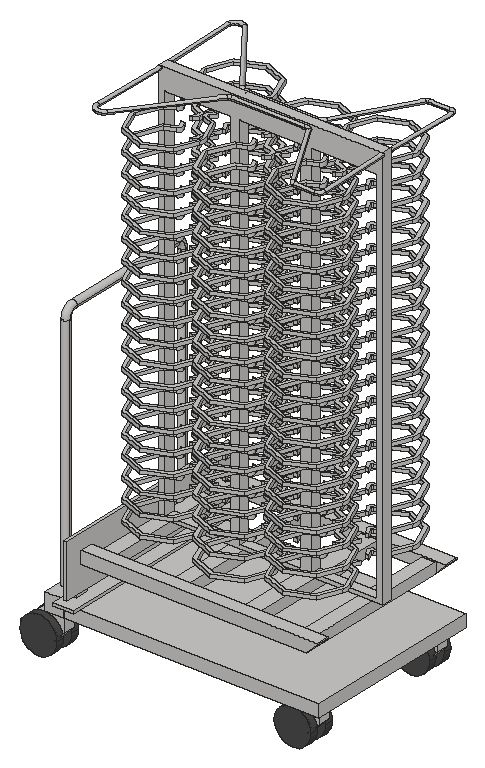
Revit family "QF_ELECTROLUXPROFESSIONAL_922764_TRBA116PL2021C", category Attrezzature speciali, Revit 2020 (continued)
Automatic sketch dimensions
  Extrusion 78 sketch curve to Extrusion 78 sketch curve = 0.26 mm
  Extrusion 78 sketch curve to Extrusion 78 sketch curve = 0.931 mm
  Extrusion 78 sketch curve to Extrusion 78 sketch curve = 14.355 mm
  Extrusion 78 sketch curve to Extrusion 78 sketch curve = 8.956 mm
  Extrusion 78 sketch curve to Extrusion 78 sketch curve = 8.823 mm
  Extrusion 78 sketch curve to plane 14 = 19.797 mm
  plane 14 to Extrusion 78 sketch curve = 12.573 mm
  Extrusion 78 sketch curve to Extrusion 78 sketch curve = 10.291 mm
  Extrusion 79 sketch curve to plane 159 = 0 mm
  plane 23 to Extrusion 79 sketch curve = 0 mm  (x2)
  Extrusion 79 sketch curve to plane 160 = 0 mm
  plane 160 to Extrusion 79 sketch curve = 1.038 mm
  plane 23 to Extrusion 79 sketch curve = 17.086 mm
  plane 160 to Extrusion 79 sketch curve = 38.719 mm
  Extrusion 79 sketch curve to Extrusion 79 sketch curve = 7.361 mm
  Extrusion 79 sketch curve to Extrusion 79 sketch curve = 9.865 mm
  plane 23 to Extrusion 79 sketch curve = 21.155 mm
  Extrusion 79 sketch curve to Extrusion 79 sketch curve = 10.657 mm
  Extrusion 79 sketch curve to Extrusion 79 sketch curve = 2.333 mm
  plane 23 to Extrusion 79 sketch curve = 28.29 mm
  Extrusion 79 sketch curve to Extrusion 79 sketch curve = 0.12 mm
  Extrusion 79 sketch curve to Extrusion 79 sketch curve = 1.997 mm
  Extrusion 79 sketch curve to Extrusion 79 sketch curve = 13.006 mm  (x2)
  Extrusion 79 sketch curve to plane 14 = 19.797 mm
  plane 6 to Extrusion 79 sketch curve = 48.776 mm
  Extrusion 79 sketch curve to Extrusion 79 sketch curve = 32.378 mm
  plane 159 to Extrusion 79 sketch curve = 0.677 mm
  plane 6 to Extrusion 79 sketch curve = 43.856 mm
  Extrusion 79 sketch curve to Extrusion 79 sketch curve = 8.823 mm  (x2)
  Extrusion 79 sketch curve to plane 14 = 14.327 mm
  Extrusion 79 sketch curve to Extrusion 79 sketch curve = 12.491 mm
  plane 6 to Extrusion 79 sketch curve = 12.706 mm
  plane 6 to Extrusion 79 sketch curve = 7.03 mm
  plane 6 to Extrusion 79 sketch curve = 6.775 mm
  plane 23 to Extrusion 79 sketch curve = 16.976 mm
  Extrusion 79 sketch curve to plane 160 = 40.033 mm
  Extrusion 79 sketch curve to Extrusion 79 sketch curve = 7.129 mm
  Extrusion 79 sketch curve to Extrusion 79 sketch curve = 9.801 mm
  plane 23 to Extrusion 79 sketch curve = 21.716 mm
  Extrusion 79 sketch curve to Extrusion 79 sketch curve = 10.269 mm
  plane 23 to Extrusion 79 sketch curve = 28.819 mm
  Extrusion 79 sketch curve to Extrusion 79 sketch curve = 2.378 mm
  Extrusion 79 sketch curve to Extrusion 79 sketch curve = 2.721 mm
  Extrusion 79 sketch curve to Extrusion 79 sketch curve = 1.609 mm
  Extrusion 79 sketch curve to plane 159 = 0.677 mm
  Extrusion 79 sketch curve to plane 160 = 81.177 mm
  Extrusion 79 sketch curve to Extrusion 79 sketch curve = 34.52 mm
  Extrusion 79 sketch curve to plane 14 = 23.461 mm
  Extrusion 79 sketch curve to Extrusion 79 sketch curve = 0.634 mm
  Extrusion 79 sketch curve to plane 14 = 12.859 mm
  Extrusion 79 sketch curve to Extrusion 79 sketch curve = 5.47 mm
  plane 23 to Extrusion 79 sketch curve = 44.113 mm
  Extrusion 79 sketch curve to Extrusion 79 sketch curve = 7.067 mm
  Extrusion 79 sketch curve to plane 159 = 1.889 mm
  Extrusion 79 sketch curve to Extrusion 79 sketch curve = 33.003 mm
  Extrusion 79 sketch curve to plane 159 = 16.292 mm
  Extrusion 79 sketch curve to Extrusion 79 sketch curve = 3.823 mm
  plane 159 to Extrusion 79 sketch curve = 14.321 mm
  Extrusion 79 sketch curve to Extrusion 79 sketch curve = 0.26 mm
  Extrusion 79 sketch curve to Extrusion 79 sketch curve = 0.931 mm
  Extrusion 79 sketch curve to Extrusion 79 sketch curve = 14.355 mm
  Extrusion 79 sketch curve to Extrusion 79 sketch curve = 8.956 mm
  plane 159 to Extrusion 79 sketch curve = 16.292 mm
  plane 14 to Extrusion 79 sketch curve = 12.573 mm
  Extrusion 79 sketch curve to Extrusion 79 sketch curve = 10.291 mm
  plane 161 to Extrusion 80 sketch curve = 0 mm
  plane 24 to Extrusion 80 sketch curve = 0 mm  (x2)
  Extrusion 80 sketch curve to plane 162 = 0 mm
  Extrusion 80 sketch curve to plane 162 = 1.038 mm
  plane 24 to Extrusion 80 sketch curve = 17.086 mm
  Extrusion 80 sketch curve to plane 162 = 38.719 mm
  Extrusion 80 sketch curve to Extrusion 80 sketch curve = 7.361 mm
  Extrusion 80 sketch curve to Extrusion 80 sketch curve = 9.865 mm
  plane 24 to Extrusion 80 sketch curve = 21.155 mm
  Extrusion 80 sketch curve to Extrusion 80 sketch curve = 10.657 mm
  Extrusion 80 sketch curve to Extrusion 80 sketch curve = 2.333 mm
  plane 24 to Extrusion 80 sketch curve = 28.29 mm
  Extrusion 80 sketch curve to Extrusion 80 sketch curve = 0.12 mm
  Extrusion 80 sketch curve to Extrusion 80 sketch curve = 1.997 mm
  Extrusion 80 sketch curve to Extrusion 80 sketch curve = 13.006 mm  (x2)
  Extrusion 80 sketch curve to plane 21 = 19.305 mm
  Extrusion 80 sketch curve to plane 21 = 17.105 mm
  Extrusion 80 sketch curve to plane 161 = 0.677 mm
  Extrusion 80 sketch curve to plane 21 = 14.385 mm
  Extrusion 80 sketch curve to plane 21 = 8.282 mm
  Extrusion 80 sketch curve to plane 21 = 6.814 mm
  plane 21 to Extrusion 80 sketch curve = 16.765 mm
  Extrusion 80 sketch curve to Extrusion 80 sketch curve = 5.676 mm
  plane 161 to Extrusion 80 sketch curve = 14.321 mm
  Extrusion 80 sketch curve to Extrusion 80 sketch curve = 5.931 mm
  plane 24 to Extrusion 80 sketch curve = 16.976 mm
  plane 162 to Extrusion 80 sketch curve = 40.033 mm
  Extrusion 80 sketch curve to Extrusion 80 sketch curve = 7.129 mm
  Extrusion 80 sketch curve to Extrusion 80 sketch curve = 9.801 mm
  plane 24 to Extrusion 80 sketch curve = 21.716 mm
  Extrusion 80 sketch curve to Extrusion 80 sketch curve = 10.269 mm
  plane 24 to Extrusion 80 sketch curve = 28.819 mm
  Extrusion 80 sketch curve to Extrusion 80 sketch curve = 2.378 mm
  Extrusion 80 sketch curve to Extrusion 80 sketch curve = 2.721 mm
  Extrusion 80 sketch curve to Extrusion 80 sketch curve = 1.609 mm
  plane 161 to Extrusion 80 sketch curve = 0.677 mm
  plane 162 to Extrusion 80 sketch curve = 81.177 mm
  Extrusion 80 sketch curve to Extrusion 80 sketch curve = 34.52 mm
  Extrusion 80 sketch curve to plane 15 = 23.461 mm
  Extrusion 80 sketch curve to Extrusion 80 sketch curve = 0.634 mm
  Extrusion 80 sketch curve to plane 15 = 12.859 mm
  Extrusion 80 sketch curve to Extrusion 80 sketch curve = 5.47 mm  (x2)
  plane 24 to Extrusion 80 sketch curve = 44.113 mm
  Extrusion 80 sketch curve to Extrusion 80 sketch curve = 7.067 mm
  plane 161 to Extrusion 80 sketch curve = 1.889 mm
  Extrusion 80 sketch curve to Extrusion 80 sketch curve = 33.003 mm
  plane 161 to Extrusion 80 sketch curve = 16.292 mm
  Extrusion 80 sketch curve to Extrusion 80 sketch curve = 3.823 mm
  Extrusion 80 sketch curve to plane 161 = 14.321 mm
  Extrusion 80 sketch curve to Extrusion 80 sketch curve = 0.26 mm
  Extrusion 80 sketch curve to Extrusion 80 sketch curve = 0.931 mm
  Extrusion 80 sketch curve to Extrusion 80 sketch curve = 14.355 mm
  Extrusion 80 sketch curve to Extrusion 80 sketch curve = 8.956 mm
  Extrusion 80 sketch curve to Extrusion 80 sketch curve = 8.823 mm
  Extrusion 80 sketch curve to plane 15 = 19.797 mm
  plane 15 to Extrusion 80 sketch curve = 12.573 mm
  Extrusion 80 sketch curve to Extrusion 80 sketch curve = 10.291 mm
  plane 163 to Extrusion 81 sketch curve = 0 mm
  plane 24 to Extrusion 81 sketch curve = 0 mm  (x2)
  Extrusion 81 sketch curve to plane 164 = 0 mm
  Extrusion 81 sketch curve to plane 164 = 1.038 mm
  plane 24 to Extrusion 81 sketch curve = 17.086 mm
  Extrusion 81 sketch curve to plane 164 = 38.719 mm
  Extrusion 81 sketch curve to Extrusion 81 sketch curve = 7.361 mm
  Extrusion 81 sketch curve to Extrusion 81 sketch curve = 9.865 mm
  plane 24 to Extrusion 81 sketch curve = 21.155 mm
  Extrusion 81 sketch curve to Extrusion 81 sketch curve = 10.657 mm
  Extrusion 81 sketch curve to Extrusion 81 sketch curve = 2.333 mm
  plane 24 to Extrusion 81 sketch curve = 28.29 mm
  Extrusion 81 sketch curve to Extrusion 81 sketch curve = 0.12 mm
  Extrusion 81 sketch curve to Extrusion 81 sketch curve = 1.997 mm
  Extrusion 81 sketch curve to Extrusion 81 sketch curve = 13.006 mm  (x2)
  Extrusion 81 sketch curve to plane 15 = 19.797 mm
  Extrusion 81 sketch curve to plane 6 = 48.776 mm
  Extrusion 81 sketch curve to Extrusion 81 sketch curve = 32.378 mm
  Extrusion 81 sketch curve to plane 163 = 0.677 mm
  Extrusion 81 sketch curve to plane 6 = 43.856 mm
  Extrusion 81 sketch curve to Extrusion 81 sketch curve = 8.823 mm  (x2)
  Extrusion 81 sketch curve to plane 15 = 14.327 mm
  Extrusion 81 sketch curve to Extrusion 81 sketch curve = 12.491 mm
  Extrusion 81 sketch curve to plane 6 = 12.706 mm
  Extrusion 81 sketch curve to plane 6 = 7.03 mm
  Extrusion 81 sketch curve to plane 6 = 6.775 mm
  plane 24 to Extrusion 81 sketch curve = 16.976 mm
  plane 164 to Extrusion 81 sketch curve = 40.033 mm
  Extrusion 81 sketch curve to Extrusion 81 sketch curve = 7.129 mm
  Extrusion 81 sketch curve to Extrusion 81 sketch curve = 9.801 mm
  plane 24 to Extrusion 81 sketch curve = 21.716 mm
  Extrusion 81 sketch curve to Extrusion 81 sketch curve = 10.269 mm
  plane 24 to Extrusion 81 sketch curve = 28.819 mm
  Extrusion 81 sketch curve to Extrusion 81 sketch curve = 2.378 mm
  Extrusion 81 sketch curve to Extrusion 81 sketch curve = 2.721 mm
  Extrusion 81 sketch curve to Extrusion 81 sketch curve = 1.609 mm
  plane 163 to Extrusion 81 sketch curve = 0.677 mm
  plane 164 to Extrusion 81 sketch curve = 81.177 mm
  Extrusion 81 sketch curve to Extrusion 81 sketch curve = 34.52 mm
  Extrusion 81 sketch curve to plane 15 = 23.461 mm
  Extrusion 81 sketch curve to Extrusion 81 sketch curve = 0.634 mm
  Extrusion 81 sketch curve to plane 15 = 12.859 mm
  Extrusion 81 sketch curve to Extrusion 81 sketch curve = 5.47 mm
  plane 24 to Extrusion 81 sketch curve = 44.113 mm
  Extrusion 81 sketch curve to Extrusion 81 sketch curve = 7.067 mm
  plane 163 to Extrusion 81 sketch curve = 1.889 mm
  Extrusion 81 sketch curve to Extrusion 81 sketch curve = 33.003 mm
  plane 163 to Extrusion 81 sketch curve = 16.292 mm
  Extrusion 81 sketch curve to Extrusion 81 sketch curve = 3.823 mm
  Extrusion 81 sketch curve to plane 163 = 14.321 mm
  Extrusion 81 sketch curve to Extrusion 81 sketch curve = 0.26 mm
  Extrusion 81 sketch curve to Extrusion 81 sketch curve = 0.931 mm
  Extrusion 81 sketch curve to Extrusion 81 sketch curve = 14.355 mm
  Extrusion 81 sketch curve to Extrusion 81 sketch curve = 8.956 mm
  Extrusion 81 sketch curve to plane 163 = 16.292 mm
  plane 15 to Extrusion 81 sketch curve = 12.573 mm
  Extrusion 81 sketch curve to Extrusion 81 sketch curve = 10.291 mm
  Extrusion 82 sketch curve to plane 165 = 0 mm
  plane 23 to Extrusion 82 sketch curve = 0 mm  (x2)
  Extrusion 82 sketch curve to plane 166 = 0 mm
  plane 166 to Extrusion 82 sketch curve = 1.038 mm
  plane 23 to Extrusion 82 sketch curve = 17.086 mm
  plane 166 to Extrusion 82 sketch curve = 38.719 mm
  Extrusion 82 sketch curve to Extrusion 82 sketch curve = 7.361 mm
  Extrusion 82 sketch curve to Extrusion 82 sketch curve = 9.865 mm
  plane 23 to Extrusion 82 sketch curve = 21.155 mm
  Extrusion 82 sketch curve to Extrusion 82 sketch curve = 10.657 mm
  Extrusion 82 sketch curve to Extrusion 82 sketch curve = 2.333 mm
  plane 23 to Extrusion 82 sketch curve = 28.29 mm
  Extrusion 82 sketch curve to Extrusion 82 sketch curve = 0.12 mm
  Extrusion 82 sketch curve to Extrusion 82 sketch curve = 1.997 mm
  Extrusion 82 sketch curve to Extrusion 82 sketch curve = 13.006 mm  (x2)
  plane 21 to Extrusion 82 sketch curve = 19.305 mm
  plane 21 to Extrusion 82 sketch curve = 17.105 mm
  plane 165 to Extrusion 82 sketch curve = 0.677 mm
  plane 21 to Extrusion 82 sketch curve = 14.385 mm
  plane 21 to Extrusion 82 sketch curve = 8.282 mm
  plane 21 to Extrusion 82 sketch curve = 6.814 mm
  Extrusion 82 sketch curve to plane 21 = 16.765 mm
  Extrusion 82 sketch curve to Extrusion 82 sketch curve = 5.676 mm
  Extrusion 82 sketch curve to plane 165 = 14.321 mm
  Extrusion 82 sketch curve to Extrusion 82 sketch curve = 5.931 mm
  plane 23 to Extrusion 82 sketch curve = 16.976 mm
  Extrusion 82 sketch curve to plane 166 = 40.033 mm
  Extrusion 82 sketch curve to Extrusion 82 sketch curve = 7.129 mm
  Extrusion 82 sketch curve to Extrusion 82 sketch curve = 9.801 mm
  plane 23 to Extrusion 82 sketch curve = 21.716 mm
  Extrusion 82 sketch curve to Extrusion 82 sketch curve = 10.269 mm
  plane 23 to Extrusion 82 sketch curve = 28.819 mm
  Extrusion 82 sketch curve to Extrusion 82 sketch curve = 2.378 mm
  Extrusion 82 sketch curve to Extrusion 82 sketch curve = 2.721 mm
  Extrusion 82 sketch curve to Extrusion 82 sketch curve = 1.609 mm
  Extrusion 82 sketch curve to plane 165 = 0.677 mm
  Extrusion 82 sketch curve to plane 166 = 81.177 mm
  Extrusion 82 sketch curve to Extrusion 82 sketch curve = 34.52 mm
  Extrusion 82 sketch curve to plane 14 = 23.461 mm
  Extrusion 82 sketch curve to Extrusion 82 sketch curve = 0.634 mm
  Extrusion 82 sketch curve to plane 14 = 12.859 mm
  Extrusion 82 sketch curve to Extrusion 82 sketch curve = 5.47 mm  (x2)
  plane 23 to Extrusion 82 sketch curve = 44.113 mm
  Extrusion 82 sketch curve to Extrusion 82 sketch curve = 7.067 mm
  Extrusion 82 sketch curve to plane 165 = 1.889 mm
  Extrusion 82 sketch curve to Extrusion 82 sketch curve = 33.003 mm
  Extrusion 82 sketch curve to plane 165 = 16.292 mm
  Extrusion 82 sketch curve to Extrusion 82 sketch curve = 3.823 mm
  plane 165 to Extrusion 82 sketch curve = 14.321 mm
  Extrusion 82 sketch curve to Extrusion 82 sketch curve = 0.26 mm
  Extrusion 82 sketch curve to Extrusion 82 sketch curve = 0.931 mm
  Extrusion 82 sketch curve to Extrusion 82 sketch curve = 14.355 mm
  Extrusion 82 sketch curve to Extrusion 82 sketch curve = 8.956 mm
  Extrusion 82 sketch curve to Extrusion 82 sketch curve = 8.823 mm
  Extrusion 82 sketch curve to plane 14 = 19.797 mm
  plane 14 to Extrusion 82 sketch curve = 12.573 mm
  Extrusion 82 sketch curve to Extrusion 82 sketch curve = 10.291 mm
  Extrusion 83 sketch curve to plane 167 = 0 mm
  plane 23 to Extrusion 83 sketch curve = 0 mm  (x2)
  Extrusion 83 sketch curve to plane 168 = 0 mm
  plane 168 to Extrusion 83 sketch curve = 1.038 mm
  plane 23 to Extrusion 83 sketch curve = 17.086 mm
  plane 168 to Extrusion 83 sketch curve = 38.719 mm
  Extrusion 83 sketch curve to Extrusion 83 sketch curve = 7.361 mm
  Extrusion 83 sketch curve to Extrusion 83 sketch curve = 9.865 mm
  plane 23 to Extrusion 83 sketch curve = 21.155 mm
  Extrusion 83 sketch curve to Extrusion 83 sketch curve = 10.657 mm
  Extrusion 83 sketch curve to Extrusion 83 sketch curve = 2.333 mm
  plane 23 to Extrusion 83 sketch curve = 28.29 mm
  Extrusion 83 sketch curve to Extrusion 83 sketch curve = 0.12 mm
  Extrusion 83 sketch curve to Extrusion 83 sketch curve = 1.997 mm
  Extrusion 83 sketch curve to Extrusion 83 sketch curve = 13.006 mm  (x2)
  Extrusion 83 sketch curve to plane 14 = 19.797 mm
  plane 6 to Extrusion 83 sketch curve = 48.776 mm
  Extrusion 83 sketch curve to Extrusion 83 sketch curve = 32.378 mm
  plane 167 to Extrusion 83 sketch curve = 0.677 mm
  plane 6 to Extrusion 83 sketch curve = 43.856 mm
  Extrusion 83 sketch curve to Extrusion 83 sketch curve = 8.823 mm  (x2)
  Extrusion 83 sketch curve to plane 14 = 14.327 mm
  Extrusion 83 sketch curve to Extrusion 83 sketch curve = 12.491 mm
  plane 6 to Extrusion 83 sketch curve = 12.706 mm
  plane 6 to Extrusion 83 sketch curve = 7.03 mm
  plane 6 to Extrusion 83 sketch curve = 6.775 mm
  plane 23 to Extrusion 83 sketch curve = 16.976 mm
  Extrusion 83 sketch curve to plane 168 = 40.033 mm
  Extrusion 83 sketch curve to Extrusion 83 sketch curve = 7.129 mm
  Extrusion 83 sketch curve to Extrusion 83 sketch curve = 9.801 mm
  plane 23 to Extrusion 83 sketch curve = 21.716 mm
  Extrusion 83 sketch curve to Extrusion 83 sketch curve = 10.269 mm
  plane 23 to Extrusion 83 sketch curve = 28.819 mm
  Extrusion 83 sketch curve to Extrusion 83 sketch curve = 2.378 mm
  Extrusion 83 sketch curve to Extrusion 83 sketch curve = 2.721 mm
  Extrusion 83 sketch curve to Extrusion 83 sketch curve = 1.609 mm
  Extrusion 83 sketch curve to plane 167 = 0.677 mm
  Extrusion 83 sketch curve to plane 168 = 81.177 mm
  Extrusion 83 sketch curve to Extrusion 83 sketch curve = 34.52 mm
  Extrusion 83 sketch curve to plane 14 = 23.461 mm
  Extrusion 83 sketch curve to Extrusion 83 sketch curve = 0.634 mm
  Extrusion 83 sketch curve to plane 14 = 12.859 mm
  Extrusion 83 sketch curve to Extrusion 83 sketch curve = 5.47 mm
  plane 23 to Extrusion 83 sketch curve = 44.113 mm
  Extrusion 83 sketch curve to Extrusion 83 sketch curve = 7.067 mm
  Extrusion 83 sketch curve to plane 167 = 1.889 mm
  Extrusion 83 sketch curve to Extrusion 83 sketch curve = 33.003 mm
  Extrusion 83 sketch curve to plane 167 = 16.292 mm
  Extrusion 83 sketch curve to Extrusion 83 sketch curve = 3.823 mm
  plane 167 to Extrusion 83 sketch curve = 14.321 mm
  Extrusion 83 sketch curve to Extrusion 83 sketch curve = 0.26 mm
  Extrusion 83 sketch curve to Extrusion 83 sketch curve = 0.931 mm
  Extrusion 83 sketch curve to Extrusion 83 sketch curve = 14.355 mm
  Extrusion 83 sketch curve to Extrusion 83 sketch curve = 8.956 mm
  plane 167 to Extrusion 83 sketch curve = 16.292 mm
  plane 14 to Extrusion 83 sketch curve = 12.573 mm
  Extrusion 83 sketch curve to Extrusion 83 sketch curve = 10.291 mm
  plane 169 to Extrusion 84 sketch curve = 0 mm
  plane 24 to Extrusion 84 sketch curve = 0 mm  (x2)
  Extrusion 84 sketch curve to plane 170 = 0 mm
  Extrusion 84 sketch curve to plane 170 = 1.038 mm
  plane 24 to Extrusion 84 sketch curve = 17.086 mm
  Extrusion 84 sketch curve to plane 170 = 38.719 mm
  Extrusion 84 sketch curve to Extrusion 84 sketch curve = 7.361 mm
  Extrusion 84 sketch curve to Extrusion 84 sketch curve = 9.865 mm
  plane 24 to Extrusion 84 sketch curve = 21.155 mm
  Extrusion 84 sketch curve to Extrusion 84 sketch curve = 10.657 mm
  Extrusion 84 sketch curve to Extrusion 84 sketch curve = 2.333 mm
  plane 24 to Extrusion 84 sketch curve = 28.29 mm
  Extrusion 84 sketch curve to Extrusion 84 sketch curve = 0.12 mm
  Extrusion 84 sketch curve to Extrusion 84 sketch curve = 1.997 mm
  Extrusion 84 sketch curve to Extrusion 84 sketch curve = 13.006 mm  (x2)
  Extrusion 84 sketch curve to plane 21 = 19.305 mm
  Extrusion 84 sketch curve to plane 21 = 17.105 mm
  Extrusion 84 sketch curve to plane 169 = 0.677 mm
  Extrusion 84 sketch curve to plane 21 = 14.385 mm
  Extrusion 84 sketch curve to plane 21 = 8.282 mm
  Extrusion 84 sketch curve to plane 21 = 6.814 mm
  plane 21 to Extrusion 84 sketch curve = 16.765 mm
  Extrusion 84 sketch curve to Extrusion 84 sketch curve = 5.676 mm
  plane 169 to Extrusion 84 sketch curve = 14.321 mm
  Extrusion 84 sketch curve to Extrusion 84 sketch curve = 5.931 mm
  plane 24 to Extrusion 84 sketch curve = 16.976 mm
  plane 170 to Extrusion 84 sketch curve = 40.033 mm
  Extrusion 84 sketch curve to Extrusion 84 sketch curve = 7.129 mm
  Extrusion 84 sketch curve to Extrusion 84 sketch curve = 9.801 mm
  plane 24 to Extrusion 84 sketch curve = 21.716 mm
  Extrusion 84 sketch curve to Extrusion 84 sketch curve = 10.269 mm
  plane 24 to Extrusion 84 sketch curve = 28.819 mm
  Extrusion 84 sketch curve to Extrusion 84 sketch curve = 2.378 mm
  Extrusion 84 sketch curve to Extrusion 84 sketch curve = 2.721 mm
  Extrusion 84 sketch curve to Extrusion 84 sketch curve = 1.609 mm
  plane 169 to Extrusion 84 sketch curve = 0.677 mm
  plane 170 to Extrusion 84 sketch curve = 81.177 mm
  Extrusion 84 sketch curve to Extrusion 84 sketch curve = 34.52 mm
  Extrusion 84 sketch curve to plane 15 = 23.461 mm
  Extrusion 84 sketch curve to Extrusion 84 sketch curve = 0.634 mm
  Extrusion 84 sketch curve to plane 15 = 12.859 mm
  Extrusion 84 sketch curve to Extrusion 84 sketch curve = 5.47 mm  (x2)
  plane 24 to Extrusion 84 sketch curve = 44.113 mm
  Extrusion 84 sketch curve to Extrusion 84 sketch curve = 7.067 mm
  plane 169 to Extrusion 84 sketch curve = 1.889 mm
  Extrusion 84 sketch curve to Extrusion 84 sketch curve = 33.003 mm
  plane 169 to Extrusion 84 sketch curve = 16.292 mm
  Extrusion 84 sketch curve to Extrusion 84 sketch curve = 3.823 mm
  Extrusion 84 sketch curve to plane 169 = 14.321 mm
  Extrusion 84 sketch curve to Extrusion 84 sketch curve = 0.26 mm
  Extrusion 84 sketch curve to Extrusion 84 sketch curve = 0.931 mm
  Extrusion 84 sketch curve to Extrusion 84 sketch curve = 14.355 mm
  Extrusion 84 sketch curve to Extrusion 84 sketch curve = 8.956 mm
  Extrusion 84 sketch curve to Extrusion 84 sketch curve = 8.823 mm
  Extrusion 84 sketch curve to plane 15 = 19.797 mm
  plane 15 to Extrusion 84 sketch curve = 12.573 mm
  Extrusion 84 sketch curve to Extrusion 84 sketch curve = 10.291 mm
  plane 171 to Extrusion 85 sketch curve = 0 mm
  plane 24 to Extrusion 85 sketch curve = 0 mm  (x2)
  Extrusion 85 sketch curve to plane 172 = 0 mm
  Extrusion 85 sketch curve to plane 172 = 1.038 mm
  plane 24 to Extrusion 85 sketch curve = 17.086 mm
  Extrusion 85 sketch curve to plane 172 = 38.719 mm
  Extrusion 85 sketch curve to Extrusion 85 sketch curve = 7.361 mm
  Extrusion 85 sketch curve to Extrusion 85 sketch curve = 9.865 mm
  plane 24 to Extrusion 85 sketch curve = 21.155 mm
  Extrusion 85 sketch curve to Extrusion 85 sketch curve = 10.657 mm
  Extrusion 85 sketch curve to Extrusion 85 sketch curve = 2.333 mm
  plane 24 to Extrusion 85 sketch curve = 28.29 mm
  Extrusion 85 sketch curve to Extrusion 85 sketch curve = 0.12 mm
  Extrusion 85 sketch curve to Extrusion 85 sketch curve = 1.997 mm
  Extrusion 85 sketch curve to Extrusion 85 sketch curve = 13.006 mm  (x2)
  Extrusion 85 sketch curve to plane 15 = 19.797 mm
  Extrusion 85 sketch curve to plane 6 = 48.776 mm
  Extrusion 85 sketch curve to Extrusion 85 sketch curve = 32.378 mm
  Extrusion 85 sketch curve to plane 171 = 0.677 mm
  Extrusion 85 sketch curve to plane 6 = 43.856 mm
  Extrusion 85 sketch curve to Extrusion 85 sketch curve = 8.823 mm  (x2)
  Extrusion 85 sketch curve to plane 15 = 14.327 mm
  Extrusion 85 sketch curve to Extrusion 85 sketch curve = 12.491 mm
  Extrusion 85 sketch curve to plane 6 = 12.706 mm
  Extrusion 85 sketch curve to plane 6 = 7.03 mm
  Extrusion 85 sketch curve to plane 6 = 6.775 mm
  plane 24 to Extrusion 85 sketch curve = 16.976 mm
  plane 172 to Extrusion 85 sketch curve = 40.033 mm
  Extrusion 85 sketch curve to Extrusion 85 sketch curve = 7.129 mm
  Extrusion 85 sketch curve to Extrusion 85 sketch curve = 9.801 mm
  plane 24 to Extrusion 85 sketch curve = 21.716 mm
  Extrusion 85 sketch curve to Extrusion 85 sketch curve = 10.269 mm
  plane 24 to Extrusion 85 sketch curve = 28.819 mm
  Extrusion 85 sketch curve to Extrusion 85 sketch curve = 2.378 mm
  Extrusion 85 sketch curve to Extrusion 85 sketch curve = 2.721 mm
  Extrusion 85 sketch curve to Extrusion 85 sketch curve = 1.609 mm
  plane 171 to Extrusion 85 sketch curve = 0.677 mm
  plane 172 to Extrusion 85 sketch curve = 81.177 mm
  Extrusion 85 sketch curve to Extrusion 85 sketch curve = 34.52 mm
  Extrusion 85 sketch curve to plane 15 = 23.461 mm
  Extrusion 85 sketch curve to Extrusion 85 sketch curve = 0.634 mm
  Extrusion 85 sketch curve to plane 15 = 12.859 mm
  Extrusion 85 sketch curve to Extrusion 85 sketch curve = 5.47 mm
  plane 24 to Extrusion 85 sketch curve = 44.113 mm
  Extrusion 85 sketch curve to Extrusion 85 sketch curve = 7.067 mm
  plane 171 to Extrusion 85 sketch curve = 1.889 mm
  Extrusion 85 sketch curve to Extrusion 85 sketch curve = 33.003 mm
  plane 171 to Extrusion 85 sketch curve = 16.292 mm
  Extrusion 85 sketch curve to Extrusion 85 sketch curve = 3.823 mm
  Extrusion 85 sketch curve to plane 171 = 14.321 mm
  Extrusion 85 sketch curve to Extrusion 85 sketch curve = 0.26 mm
  Extrusion 85 sketch curve to Extrusion 85 sketch curve = 0.931 mm
  Extrusion 85 sketch curve to Extrusion 85 sketch curve = 14.355 mm
  Extrusion 85 sketch curve to Extrusion 85 sketch curve = 8.956 mm
  Extrusion 85 sketch curve to plane 171 = 16.292 mm
  plane 15 to Extrusion 85 sketch curve = 12.573 mm
  Extrusion 85 sketch curve to Extrusion 85 sketch curve = 10.291 mm
  Extrusion 86 sketch curve to plane 173 = 0 mm
  plane 23 to Extrusion 86 sketch curve = 0 mm  (x2)
  Extrusion 86 sketch curve to plane 174 = 0 mm
  plane 174 to Extrusion 86 sketch curve = 1.038 mm
  plane 23 to Extrusion 86 sketch curve = 17.086 mm
  plane 174 to Extrusion 86 sketch curve = 38.719 mm
  Extrusion 86 sketch curve to Extrusion 86 sketch curve = 7.361 mm
  Extrusion 86 sketch curve to Extrusion 86 sketch curve = 9.865 mm
  plane 23 to Extrusion 86 sketch curve = 21.155 mm
  Extrusion 86 sketch curve to Extrusion 86 sketch curve = 10.657 mm
  Extrusion 86 sketch curve to Extrusion 86 sketch curve = 2.333 mm
  plane 23 to Extrusion 86 sketch curve = 28.29 mm
  Extrusion 86 sketch curve to Extrusion 86 sketch curve = 0.12 mm
  Extrusion 86 sketch curve to Extrusion 86 sketch curve = 1.997 mm
  Extrusion 86 sketch curve to Extrusion 86 sketch curve = 13.006 mm  (x2)
  plane 21 to Extrusion 86 sketch curve = 19.305 mm
  plane 21 to Extrusion 86 sketch curve = 17.105 mm
  plane 173 to Extrusion 86 sketch curve = 0.677 mm
  plane 21 to Extrusion 86 sketch curve = 14.385 mm
  plane 21 to Extrusion 86 sketch curve = 8.282 mm
  plane 21 to Extrusion 86 sketch curve = 6.814 mm
  Extrusion 86 sketch curve to plane 21 = 16.765 mm
  Extrusion 86 sketch curve to Extrusion 86 sketch curve = 5.676 mm
  Extrusion 86 sketch curve to plane 173 = 14.321 mm
  Extrusion 86 sketch curve to Extrusion 86 sketch curve = 5.931 mm
  plane 23 to Extrusion 86 sketch curve = 16.976 mm
  Extrusion 86 sketch curve to plane 174 = 40.033 mm
  Extrusion 86 sketch curve to Extrusion 86 sketch curve = 7.129 mm
  Extrusion 86 sketch curve to Extrusion 86 sketch curve = 9.801 mm
  plane 23 to Extrusion 86 sketch curve = 21.716 mm
  Extrusion 86 sketch curve to Extrusion 86 sketch curve = 10.269 mm
  plane 23 to Extrusion 86 sketch curve = 28.819 mm
  Extrusion 86 sketch curve to Extrusion 86 sketch curve = 2.378 mm
  Extrusion 86 sketch curve to Extrusion 86 sketch curve = 2.721 mm
  Extrusion 86 sketch curve to Extrusion 86 sketch curve = 1.609 mm
  Extrusion 86 sketch curve to plane 173 = 0.677 mm
  Extrusion 86 sketch curve to plane 174 = 81.177 mm
  Extrusion 86 sketch curve to Extrusion 86 sketch curve = 34.52 mm
  Extrusion 86 sketch curve to plane 14 = 23.461 mm
  Extrusion 86 sketch curve to Extrusion 86 sketch curve = 0.634 mm
  Extrusion 86 sketch curve to plane 14 = 12.859 mm
  Extrusion 86 sketch curve to Extrusion 86 sketch curve = 5.47 mm  (x2)
  plane 23 to Extrusion 86 sketch curve = 44.113 mm
  Extrusion 86 sketch curve to Extrusion 86 sketch curve = 7.067 mm
  Extrusion 86 sketch curve to plane 173 = 1.889 mm
  Extrusion 86 sketch curve to Extrusion 86 sketch curve = 33.003 mm
  Extrusion 86 sketch curve to plane 173 = 16.292 mm
  Extrusion 86 sketch curve to Extrusion 86 sketch curve = 3.823 mm
  plane 173 to Extrusion 86 sketch curve = 14.321 mm
  Extrusion 86 sketch curve to Extrusion 86 sketch curve = 0.26 mm
  Extrusion 86 sketch curve to Extrusion 86 sketch curve = 0.931 mm
  Extrusion 86 sketch curve to Extrusion 86 sketch curve = 14.355 mm
  Extrusion 86 sketch curve to Extrusion 86 sketch curve = 8.956 mm
  Extrusion 86 sketch curve to Extrusion 86 sketch curve = 8.823 mm
  Extrusion 86 sketch curve to plane 14 = 19.797 mm
  plane 14 to Extrusion 86 sketch curve = 12.573 mm
  Extrusion 86 sketch curve to Extrusion 86 sketch curve = 10.291 mm
  Extrusion 87 sketch curve to plane 175 = 0 mm
  plane 23 to Extrusion 87 sketch curve = 0 mm  (x2)
  Extrusion 87 sketch curve to plane 176 = 0 mm
  plane 176 to Extrusion 87 sketch curve = 1.038 mm
  plane 23 to Extrusion 87 sketch curve = 17.086 mm
  plane 176 to Extrusion 87 sketch curve = 38.719 mm
  Extrusion 87 sketch curve to Extrusion 87 sketch curve = 7.361 mm
  Extrusion 87 sketch curve to Extrusion 87 sketch curve = 9.865 mm
  plane 23 to Extrusion 87 sketch curve = 21.155 mm
  Extrusion 87 sketch curve to Extrusion 87 sketch curve = 10.657 mm
  Extrusion 87 sketch curve to Extrusion 87 sketch curve = 2.333 mm
  plane 23 to Extrusion 87 sketch curve = 28.29 mm
  Extrusion 87 sketch curve to Extrusion 87 sketch curve = 0.12 mm
  Extrusion 87 sketch curve to Extrusion 87 sketch curve = 1.997 mm
  Extrusion 87 sketch curve to Extrusion 87 sketch curve = 13.006 mm  (x2)
  Extrusion 87 sketch curve to plane 14 = 19.797 mm
  plane 6 to Extrusion 87 sketch curve = 48.776 mm
  Extrusion 87 sketch curve to Extrusion 87 sketch curve = 32.378 mm
  plane 175 to Extrusion 87 sketch curve = 0.677 mm
  plane 6 to Extrusion 87 sketch curve = 43.856 mm
  Extrusion 87 sketch curve to Extrusion 87 sketch curve = 8.823 mm  (x2)
  Extrusion 87 sketch curve to plane 14 = 14.327 mm
  Extrusion 87 sketch curve to Extrusion 87 sketch curve = 12.491 mm
  plane 6 to Extrusion 87 sketch curve = 12.706 mm
  plane 6 to Extrusion 87 sketch curve = 7.03 mm
  plane 6 to Extrusion 87 sketch curve = 6.775 mm
  plane 23 to Extrusion 87 sketch curve = 16.976 mm
  Extrusion 87 sketch curve to plane 176 = 40.033 mm
  Extrusion 87 sketch curve to Extrusion 87 sketch curve = 7.129 mm
  Extrusion 87 sketch curve to Extrusion 87 sketch curve = 9.801 mm
  plane 23 to Extrusion 87 sketch curve = 21.716 mm
  Extrusion 87 sketch curve to Extrusion 87 sketch curve = 10.269 mm
  plane 23 to Extrusion 87 sketch curve = 28.819 mm
  Extrusion 87 sketch curve to Extrusion 87 sketch curve = 2.378 mm
  Extrusion 87 sketch curve to Extrusion 87 sketch curve = 2.721 mm
  Extrusion 87 sketch curve to Extrusion 87 sketch curve = 1.609 mm
  Extrusion 87 sketch curve to plane 175 = 0.677 mm
  Extrusion 87 sketch curve to plane 176 = 81.177 mm
  Extrusion 87 sketch curve to Extrusion 87 sketch curve = 34.52 mm
  Extrusion 87 sketch curve to plane 14 = 23.461 mm
  Extrusion 87 sketch curve to Extrusion 87 sketch curve = 0.634 mm
  Extrusion 87 sketch curve to plane 14 = 12.859 mm
  Extrusion 87 sketch curve to Extrusion 87 sketch curve = 5.47 mm
  plane 23 to Extrusion 87 sketch curve = 44.113 mm
  Extrusion 87 sketch curve to Extrusion 87 sketch curve = 7.067 mm
  Extrusion 87 sketch curve to plane 175 = 1.889 mm
  Extrusion 87 sketch curve to Extrusion 87 sketch curve = 33.003 mm
  Extrusion 87 sketch curve to plane 175 = 16.292 mm
  Extrusion 87 sketch curve to Extrusion 87 sketch curve = 3.823 mm
  plane 175 to Extrusion 87 sketch curve = 14.321 mm
  Extrusion 87 sketch curve to Extrusion 87 sketch curve = 0.26 mm
  Extrusion 87 sketch curve to Extrusion 87 sketch curve = 0.931 mm
  Extrusion 87 sketch curve to Extrusion 87 sketch curve = 14.355 mm
  Extrusion 87 sketch curve to Extrusion 87 sketch curve = 8.956 mm
  plane 175 to Extrusion 87 sketch curve = 16.292 mm
  plane 14 to Extrusion 87 sketch curve = 12.573 mm
  Extrusion 87 sketch curve to Extrusion 87 sketch curve = 10.291 mm
  plane 177 to Extrusion 88 sketch curve = 0 mm
  plane 24 to Extrusion 88 sketch curve = 0 mm  (x2)
  Extrusion 88 sketch curve to plane 178 = 0 mm
  Extrusion 88 sketch curve to plane 178 = 1.038 mm
  plane 24 to Extrusion 88 sketch curve = 17.086 mm
  Extrusion 88 sketch curve to plane 178 = 38.719 mm
  Extrusion 88 sketch curve to Extrusion 88 sketch curve = 7.361 mm
  Extrusion 88 sketch curve to Extrusion 88 sketch curve = 9.865 mm
  plane 24 to Extrusion 88 sketch curve = 21.155 mm
  Extrusion 88 sketch curve to Extrusion 88 sketch curve = 10.657 mm
  Extrusion 88 sketch curve to Extrusion 88 sketch curve = 2.333 mm
  plane 24 to Extrusion 88 sketch curve = 28.29 mm
  Extrusion 88 sketch curve to Extrusion 88 sketch curve = 0.12 mm
  Extrusion 88 sketch curve to Extrusion 88 sketch curve = 1.997 mm
  Extrusion 88 sketch curve to Extrusion 88 sketch curve = 13.006 mm  (x2)
  Extrusion 88 sketch curve to plane 21 = 19.305 mm
  Extrusion 88 sketch curve to plane 21 = 17.105 mm
  Extrusion 88 sketch curve to plane 177 = 0.677 mm
  Extrusion 88 sketch curve to plane 21 = 14.385 mm
  Extrusion 88 sketch curve to plane 21 = 8.282 mm
  Extrusion 88 sketch curve to plane 21 = 6.814 mm
  plane 21 to Extrusion 88 sketch curve = 16.765 mm
  Extrusion 88 sketch curve to Extrusion 88 sketch curve = 5.676 mm
  plane 177 to Extrusion 88 sketch curve = 14.321 mm
  Extrusion 88 sketch curve to Extrusion 88 sketch curve = 5.931 mm
  plane 24 to Extrusion 88 sketch curve = 16.976 mm
  plane 178 to Extrusion 88 sketch curve = 40.033 mm
  Extrusion 88 sketch curve to Extrusion 88 sketch curve = 7.129 mm
  Extrusion 88 sketch curve to Extrusion 88 sketch curve = 9.801 mm
  plane 24 to Extrusion 88 sketch curve = 21.716 mm
  Extrusion 88 sketch curve to Extrusion 88 sketch curve = 10.269 mm
  plane 24 to Extrusion 88 sketch curve = 28.819 mm
  Extrusion 88 sketch curve to Extrusion 88 sketch curve = 2.378 mm
  Extrusion 88 sketch curve to Extrusion 88 sketch curve = 2.721 mm
  Extrusion 88 sketch curve to Extrusion 88 sketch curve = 1.609 mm
  plane 177 to Extrusion 88 sketch curve = 0.677 mm
  plane 178 to Extrusion 88 sketch curve = 81.177 mm
  Extrusion 88 sketch curve to Extrusion 88 sketch curve = 34.52 mm
  Extrusion 88 sketch curve to plane 15 = 23.461 mm
  Extrusion 88 sketch curve to Extrusion 88 sketch curve = 0.634 mm
  Extrusion 88 sketch curve to plane 15 = 12.859 mm
  Extrusion 88 sketch curve to Extrusion 88 sketch curve = 5.47 mm  (x2)
  plane 24 to Extrusion 88 sketch curve = 44.113 mm
  Extrusion 88 sketch curve to Extrusion 88 sketch curve = 7.067 mm
  plane 177 to Extrusion 88 sketch curve = 1.889 mm
  Extrusion 88 sketch curve to Extrusion 88 sketch curve = 33.003 mm
  plane 177 to Extrusion 88 sketch curve = 16.292 mm
  Extrusion 88 sketch curve to Extrusion 88 sketch curve = 3.823 mm
  Extrusion 88 sketch curve to plane 177 = 14.321 mm
  Extrusion 88 sketch curve to Extrusion 88 sketch curve = 0.26 mm
  Extrusion 88 sketch curve to Extrusion 88 sketch curve = 0.931 mm
  Extrusion 88 sketch curve to Extrusion 88 sketch curve = 14.355 mm
  Extrusion 88 sketch curve to Extrusion 88 sketch curve = 8.956 mm
  Extrusion 88 sketch curve to Extrusion 88 sketch curve = 8.823 mm
  Extrusion 88 sketch curve to plane 15 = 19.797 mm
  plane 15 to Extrusion 88 sketch curve = 12.573 mm
  Extrusion 88 sketch curve to Extrusion 88 sketch curve = 10.291 mm
  plane 179 to Extrusion 89 sketch curve = 0 mm
  plane 24 to Extrusion 89 sketch curve = 0 mm  (x2)
  Extrusion 89 sketch curve to plane 180 = 0 mm
  Extrusion 89 sketch curve to plane 180 = 1.038 mm
  plane 24 to Extrusion 89 sketch curve = 17.086 mm
  Extrusion 89 sketch curve to plane 180 = 38.719 mm
  Extrusion 89 sketch curve to Extrusion 89 sketch curve = 7.361 mm
  Extrusion 89 sketch curve to Extrusion 89 sketch curve = 9.865 mm
  plane 24 to Extrusion 89 sketch curve = 21.155 mm
  Extrusion 89 sketch curve to Extrusion 89 sketch curve = 10.657 mm
  Extrusion 89 sketch curve to Extrusion 89 sketch curve = 2.333 mm
  plane 24 to Extrusion 89 sketch curve = 28.29 mm
  Extrusion 89 sketch curve to Extrusion 89 sketch curve = 0.12 mm
  Extrusion 89 sketch curve to Extrusion 89 sketch curve = 1.997 mm
  Extrusion 89 sketch curve to Extrusion 89 sketch curve = 13.006 mm  (x2)
  Extrusion 89 sketch curve to plane 15 = 19.797 mm
  Extrusion 89 sketch curve to plane 6 = 48.776 mm
  Extrusion 89 sketch curve to Extrusion 89 sketch curve = 32.378 mm
  Extrusion 89 sketch curve to plane 179 = 0.677 mm
  Extrusion 89 sketch curve to plane 6 = 43.856 mm
  Extrusion 89 sketch curve to Extrusion 89 sketch curve = 8.823 mm  (x2)
  Extrusion 89 sketch curve to plane 15 = 14.327 mm
  Extrusion 89 sketch curve to Extrusion 89 sketch curve = 12.491 mm
  Extrusion 89 sketch curve to plane 6 = 12.706 mm
  Extrusion 89 sketch curve to plane 6 = 7.03 mm
  Extrusion 89 sketch curve to plane 6 = 6.775 mm
  plane 24 to Extrusion 89 sketch curve = 16.976 mm
  plane 180 to Extrusion 89 sketch curve = 40.033 mm
  Extrusion 89 sketch curve to Extrusion 89 sketch curve = 7.129 mm
  Extrusion 89 sketch curve to Extrusion 89 sketch curve = 9.801 mm
  plane 24 to Extrusion 89 sketch curve = 21.716 mm
  Extrusion 89 sketch curve to Extrusion 89 sketch curve = 10.269 mm
  plane 24 to Extrusion 89 sketch curve = 28.819 mm
  Extrusion 89 sketch curve to Extrusion 89 sketch curve = 2.378 mm
  Extrusion 89 sketch curve to Extrusion 89 sketch curve = 2.721 mm
  Extrusion 89 sketch curve to Extrusion 89 sketch curve = 1.609 mm
  plane 179 to Extrusion 89 sketch curve = 0.677 mm
  plane 180 to Extrusion 89 sketch curve = 81.177 mm
  Extrusion 89 sketch curve to Extrusion 89 sketch curve = 34.52 mm
  Extrusion 89 sketch curve to plane 15 = 23.461 mm
  Extrusion 89 sketch curve to Extrusion 89 sketch curve = 0.634 mm
  Extrusion 89 sketch curve to plane 15 = 12.859 mm
  Extrusion 89 sketch curve to Extrusion 89 sketch curve = 5.47 mm
  plane 24 to Extrusion 89 sketch curve = 44.113 mm
  Extrusion 89 sketch curve to Extrusion 89 sketch curve = 7.067 mm
  plane 179 to Extrusion 89 sketch curve = 1.889 mm
  Extrusion 89 sketch curve to Extrusion 89 sketch curve = 33.003 mm
  plane 179 to Extrusion 89 sketch curve = 16.292 mm
  Extrusion 89 sketch curve to Extrusion 89 sketch curve = 3.823 mm
  Extrusion 89 sketch curve to plane 179 = 14.321 mm
  Extrusion 89 sketch curve to Extrusion 89 sketch curve = 0.26 mm
  Extrusion 89 sketch curve to Extrusion 89 sketch curve = 0.931 mm
  Extrusion 89 sketch curve to Extrusion 89 sketch curve = 14.355 mm
  Extrusion 89 sketch curve to Extrusion 89 sketch curve = 8.956 mm
  Extrusion 89 sketch curve to plane 179 = 16.292 mm
  plane 15 to Extrusion 89 sketch curve = 12.573 mm
  Extrusion 89 sketch curve to Extrusion 89 sketch curve = 10.291 mm
  Extrusion 90 sketch curve to plane 181 = 0 mm
  plane 23 to Extrusion 90 sketch curve = 0 mm  (x2)
  Extrusion 90 sketch curve to plane 182 = 0 mm
  Extrusion 90 sketch curve to plane 182 = 1.038 mm
  Extrusion 90 sketch curve to plane 23 = 17.086 mm
  Extrusion 90 sketch curve to plane 182 = 38.719 mm
  Extrusion 90 sketch curve to Extrusion 90 sketch curve = 7.361 mm
  Extrusion 90 sketch curve to Extrusion 90 sketch curve = 9.865 mm
  Extrusion 90 sketch curve to plane 23 = 21.155 mm
  Extrusion 90 sketch curve to Extrusion 90 sketch curve = 10.657 mm
  Extrusion 90 sketch curve to Extrusion 90 sketch curve = 2.333 mm
  Extrusion 90 sketch curve to plane 23 = 28.29 mm
  Extrusion 90 sketch curve to Extrusion 90 sketch curve = 0.12 mm
  Extrusion 90 sketch curve to Extrusion 90 sketch curve = 1.997 mm
  Extrusion 90 sketch curve to Extrusion 90 sketch curve = 13.006 mm  (x2)
  plane 14 to Extrusion 90 sketch curve = 19.797 mm
  plane 6 to Extrusion 90 sketch curve = 41.061 mm
  Extrusion 90 sketch curve to Extrusion 90 sketch curve = 32.378 mm
  Extrusion 90 sketch curve to plane 181 = 0.677 mm
  plane 6 to Extrusion 90 sketch curve = 36.141 mm
  Extrusion 90 sketch curve to Extrusion 90 sketch curve = 8.823 mm  (x2)
  Extrusion 90 sketch curve to Extrusion 90 sketch curve = 12.491 mm
  plane 6 to Extrusion 90 sketch curve = 4.991 mm
  Extrusion 90 sketch curve to plane 6 = 0.685 mm
  Extrusion 90 sketch curve to plane 6 = 0.941 mm
  Extrusion 90 sketch curve to plane 23 = 16.976 mm
  plane 182 to Extrusion 90 sketch curve = 40.033 mm
  Extrusion 90 sketch curve to Extrusion 90 sketch curve = 7.129 mm
  Extrusion 90 sketch curve to Extrusion 90 sketch curve = 9.801 mm
  Extrusion 90 sketch curve to plane 23 = 21.716 mm
  Extrusion 90 sketch curve to Extrusion 90 sketch curve = 10.269 mm
  Extrusion 90 sketch curve to plane 23 = 28.819 mm
  Extrusion 90 sketch curve to Extrusion 90 sketch curve = 2.378 mm
  Extrusion 90 sketch curve to Extrusion 90 sketch curve = 2.721 mm
  Extrusion 90 sketch curve to Extrusion 90 sketch curve = 1.609 mm
  plane 181 to Extrusion 90 sketch curve = 0.677 mm
  plane 182 to Extrusion 90 sketch curve = 81.177 mm
  Extrusion 90 sketch curve to Extrusion 90 sketch curve = 34.52 mm
  plane 14 to Extrusion 90 sketch curve = 23.461 mm
  Extrusion 90 sketch curve to Extrusion 90 sketch curve = 0.634 mm
  plane 14 to Extrusion 90 sketch curve = 12.859 mm
  Extrusion 90 sketch curve to Extrusion 90 sketch curve = 5.47 mm  (x2)
  Extrusion 90 sketch curve to plane 23 = 44.113 mm
  Extrusion 90 sketch curve to Extrusion 90 sketch curve = 7.067 mm
  plane 181 to Extrusion 90 sketch curve = 1.889 mm
  Extrusion 90 sketch curve to Extrusion 90 sketch curve = 33.003 mm
  plane 181 to Extrusion 90 sketch curve = 16.292 mm
  Extrusion 90 sketch curve to Extrusion 90 sketch curve = 3.823 mm
  Extrusion 90 sketch curve to plane 181 = 14.321 mm
  Extrusion 90 sketch curve to Extrusion 90 sketch curve = 0.26 mm
  Extrusion 90 sketch curve to Extrusion 90 sketch curve = 0.931 mm
  Extrusion 90 sketch curve to Extrusion 90 sketch curve = 14.355 mm
  Extrusion 90 sketch curve to Extrusion 90 sketch curve = 8.956 mm
  Extrusion 90 sketch curve to plane 181 = 16.292 mm
  Extrusion 90 sketch curve to plane 14 = 12.573 mm
  Extrusion 90 sketch curve to Extrusion 90 sketch curve = 10.291 mm
  Extrusion 91 sketch curve to plane 183 = 0 mm
  plane 24 to Extrusion 91 sketch curve = 0 mm  (x2)
  Extrusion 91 sketch curve to plane 184 = 0 mm
  plane 184 to Extrusion 91 sketch curve = 1.038 mm
  Extrusion 91 sketch curve to plane 24 = 17.086 mm
  plane 184 to Extrusion 91 sketch curve = 38.719 mm
  Extrusion 91 sketch curve to Extrusion 91 sketch curve = 7.361 mm
  Extrusion 91 sketch curve to Extrusion 91 sketch curve = 9.865 mm
  Extrusion 91 sketch curve to plane 24 = 21.155 mm
  Extrusion 91 sketch curve to Extrusion 91 sketch curve = 10.657 mm
  Extrusion 91 sketch curve to Extrusion 91 sketch curve = 2.333 mm
  Extrusion 91 sketch curve to plane 24 = 28.29 mm
  Extrusion 91 sketch curve to Extrusion 91 sketch curve = 0.12 mm
  Extrusion 91 sketch curve to Extrusion 91 sketch curve = 1.997 mm
  Extrusion 91 sketch curve to Extrusion 91 sketch curve = 13.006 mm  (x2)
  plane 15 to Extrusion 91 sketch curve = 19.797 mm
  Extrusion 91 sketch curve to plane 6 = 41.061 mm
  Extrusion 91 sketch curve to Extrusion 91 sketch curve = 32.378 mm
  plane 183 to Extrusion 91 sketch curve = 0.677 mm
  Extrusion 91 sketch curve to plane 6 = 36.141 mm
  Extrusion 91 sketch curve to Extrusion 91 sketch curve = 8.823 mm  (x2)
  Extrusion 91 sketch curve to Extrusion 91 sketch curve = 12.491 mm
  Extrusion 91 sketch curve to plane 6 = 4.991 mm
  plane 6 to Extrusion 91 sketch curve = 0.685 mm
  plane 6 to Extrusion 91 sketch curve = 0.941 mm
  Extrusion 91 sketch curve to plane 24 = 16.976 mm
  Extrusion 91 sketch curve to plane 184 = 40.033 mm
  Extrusion 91 sketch curve to Extrusion 91 sketch curve = 7.129 mm
  Extrusion 91 sketch curve to Extrusion 91 sketch curve = 9.801 mm
  Extrusion 91 sketch curve to plane 24 = 21.716 mm
  Extrusion 91 sketch curve to Extrusion 91 sketch curve = 10.269 mm
  Extrusion 91 sketch curve to plane 24 = 28.819 mm
  Extrusion 91 sketch curve to Extrusion 91 sketch curve = 2.378 mm
  Extrusion 91 sketch curve to Extrusion 91 sketch curve = 2.721 mm
  Extrusion 91 sketch curve to Extrusion 91 sketch curve = 1.609 mm
  Extrusion 91 sketch curve to plane 183 = 0.677 mm
  Extrusion 91 sketch curve to plane 184 = 81.177 mm
  Extrusion 91 sketch curve to Extrusion 91 sketch curve = 34.52 mm
  plane 15 to Extrusion 91 sketch curve = 23.461 mm
  Extrusion 91 sketch curve to Extrusion 91 sketch curve = 0.634 mm
  plane 15 to Extrusion 91 sketch curve = 12.859 mm
  Extrusion 91 sketch curve to Extrusion 91 sketch curve = 5.47 mm  (x2)
  Extrusion 91 sketch curve to plane 24 = 44.113 mm
  Extrusion 91 sketch curve to Extrusion 91 sketch curve = 7.067 mm
  Extrusion 91 sketch curve to plane 183 = 1.889 mm
  Extrusion 91 sketch curve to Extrusion 91 sketch curve = 33.003 mm
  Extrusion 91 sketch curve to plane 183 = 16.292 mm
  Extrusion 91 sketch curve to Extrusion 91 sketch curve = 3.823 mm
  plane 183 to Extrusion 91 sketch curve = 14.321 mm
  Extrusion 91 sketch curve to Extrusion 91 sketch curve = 0.26 mm
  Extrusion 91 sketch curve to Extrusion 91 sketch curve = 0.931 mm
  Extrusion 91 sketch curve to Extrusion 91 sketch curve = 14.355 mm
  Extrusion 91 sketch curve to Extrusion 91 sketch curve = 8.956 mm
  plane 183 to Extrusion 91 sketch curve = 16.292 mm
  Extrusion 91 sketch curve to plane 15 = 12.573 mm
  Extrusion 91 sketch curve to Extrusion 91 sketch curve = 10.291 mm
  Extrusion 92 sketch curve to plane 185 = 0 mm
  plane 23 to Extrusion 92 sketch curve = 0 mm  (x2)
  Extrusion 92 sketch curve to plane 186 = 0 mm
  Extrusion 92 sketch curve to plane 186 = 1.038 mm
  Extrusion 92 sketch curve to plane 23 = 17.086 mm
  Extrusion 92 sketch curve to plane 186 = 38.719 mm
  Extrusion 92 sketch curve to Extrusion 92 sketch curve = 7.361 mm
  Extrusion 92 sketch curve to Extrusion 92 sketch curve = 9.865 mm
  Extrusion 92 sketch curve to plane 23 = 21.155 mm
  Extrusion 92 sketch curve to Extrusion 92 sketch curve = 10.657 mm
  Extrusion 92 sketch curve to Extrusion 92 sketch curve = 2.333 mm
  Extrusion 92 sketch curve to plane 23 = 28.29 mm
  Extrusion 92 sketch curve to Extrusion 92 sketch curve = 0.12 mm
  Extrusion 92 sketch curve to Extrusion 92 sketch curve = 1.997 mm
  Extrusion 92 sketch curve to Extrusion 92 sketch curve = 13.006 mm  (x2)
  plane 14 to Extrusion 92 sketch curve = 19.797 mm
  plane 6 to Extrusion 92 sketch curve = 41.061 mm
  Extrusion 92 sketch curve to Extrusion 92 sketch curve = 32.378 mm
  Extrusion 92 sketch curve to plane 185 = 0.677 mm
  plane 6 to Extrusion 92 sketch curve = 36.141 mm
  Extrusion 92 sketch curve to Extrusion 92 sketch curve = 8.823 mm  (x2)
  Extrusion 92 sketch curve to Extrusion 92 sketch curve = 12.491 mm
  plane 6 to Extrusion 92 sketch curve = 4.991 mm
  Extrusion 92 sketch curve to plane 6 = 0.685 mm
  Extrusion 92 sketch curve to plane 6 = 0.941 mm
  Extrusion 92 sketch curve to plane 23 = 16.976 mm
  plane 186 to Extrusion 92 sketch curve = 40.033 mm
  Extrusion 92 sketch curve to Extrusion 92 sketch curve = 7.129 mm
  Extrusion 92 sketch curve to Extrusion 92 sketch curve = 9.801 mm
  Extrusion 92 sketch curve to plane 23 = 21.716 mm
  Extrusion 92 sketch curve to Extrusion 92 sketch curve = 10.269 mm
  Extrusion 92 sketch curve to plane 23 = 28.819 mm
  Extrusion 92 sketch curve to Extrusion 92 sketch curve = 2.378 mm
  Extrusion 92 sketch curve to Extrusion 92 sketch curve = 2.721 mm
  Extrusion 92 sketch curve to Extrusion 92 sketch curve = 1.609 mm
  plane 185 to Extrusion 92 sketch curve = 0.677 mm
  plane 186 to Extrusion 92 sketch curve = 81.177 mm
  Extrusion 92 sketch curve to Extrusion 92 sketch curve = 34.52 mm
  plane 14 to Extrusion 92 sketch curve = 23.461 mm
  Extrusion 92 sketch curve to Extrusion 92 sketch curve = 0.634 mm
  plane 14 to Extrusion 92 sketch curve = 12.859 mm
  Extrusion 92 sketch curve to Extrusion 92 sketch curve = 5.47 mm  (x2)
  Extrusion 92 sketch curve to plane 23 = 44.113 mm
  Extrusion 92 sketch curve to Extrusion 92 sketch curve = 7.067 mm
  plane 185 to Extrusion 92 sketch curve = 1.889 mm
  Extrusion 92 sketch curve to Extrusion 92 sketch curve = 33.003 mm
  plane 185 to Extrusion 92 sketch curve = 16.292 mm
  Extrusion 92 sketch curve to Extrusion 92 sketch curve = 3.823 mm
  Extrusion 92 sketch curve to plane 185 = 14.321 mm
  Extrusion 92 sketch curve to Extrusion 92 sketch curve = 0.26 mm
  Extrusion 92 sketch curve to Extrusion 92 sketch curve = 0.931 mm
  Extrusion 92 sketch curve to Extrusion 92 sketch curve = 14.355 mm
  Extrusion 92 sketch curve to Extrusion 92 sketch curve = 8.956 mm
  Extrusion 92 sketch curve to plane 185 = 16.292 mm
  Extrusion 92 sketch curve to plane 14 = 12.573 mm
  Extrusion 92 sketch curve to Extrusion 92 sketch curve = 10.291 mm
  Extrusion 93 sketch curve to plane 187 = 0 mm
  plane 24 to Extrusion 93 sketch curve = 0 mm  (x2)
  Extrusion 93 sketch curve to plane 188 = 0 mm
  plane 188 to Extrusion 93 sketch curve = 1.038 mm
  Extrusion 93 sketch curve to plane 24 = 17.086 mm
  plane 188 to Extrusion 93 sketch curve = 38.719 mm
  Extrusion 93 sketch curve to Extrusion 93 sketch curve = 7.361 mm
  Extrusion 93 sketch curve to Extrusion 93 sketch curve = 9.865 mm
  Extrusion 93 sketch curve to plane 24 = 21.155 mm
  Extrusion 93 sketch curve to Extrusion 93 sketch curve = 10.657 mm
  Extrusion 93 sketch curve to Extrusion 93 sketch curve = 2.333 mm
  Extrusion 93 sketch curve to plane 24 = 28.29 mm
  Extrusion 93 sketch curve to Extrusion 93 sketch curve = 0.12 mm
  Extrusion 93 sketch curve to Extrusion 93 sketch curve = 1.997 mm
  Extrusion 93 sketch curve to Extrusion 93 sketch curve = 13.006 mm  (x2)
  plane 15 to Extrusion 93 sketch curve = 19.797 mm
  Extrusion 93 sketch curve to plane 6 = 41.061 mm
  Extrusion 93 sketch curve to Extrusion 93 sketch curve = 32.378 mm
  plane 187 to Extrusion 93 sketch curve = 0.677 mm
  Extrusion 93 sketch curve to plane 6 = 36.141 mm
  Extrusion 93 sketch curve to Extrusion 93 sketch curve = 8.823 mm  (x2)
  Extrusion 93 sketch curve to Extrusion 93 sketch curve = 12.491 mm
  Extrusion 93 sketch curve to plane 6 = 4.991 mm
  plane 6 to Extrusion 93 sketch curve = 0.685 mm
  plane 6 to Extrusion 93 sketch curve = 0.941 mm
  Extrusion 93 sketch curve to plane 24 = 16.976 mm
  Extrusion 93 sketch curve to plane 188 = 40.033 mm
  Extrusion 93 sketch curve to Extrusion 93 sketch curve = 7.129 mm
  Extrusion 93 sketch curve to Extrusion 93 sketch curve = 9.801 mm
  Extrusion 93 sketch curve to plane 24 = 21.716 mm
  Extrusion 93 sketch curve to Extrusion 93 sketch curve = 10.269 mm
  Extrusion 93 sketch curve to plane 24 = 28.819 mm
  Extrusion 93 sketch curve to Extrusion 93 sketch curve = 2.378 mm
  Extrusion 93 sketch curve to Extrusion 93 sketch curve = 2.721 mm
  Extrusion 93 sketch curve to Extrusion 93 sketch curve = 1.609 mm
  Extrusion 93 sketch curve to plane 187 = 0.677 mm
  Extrusion 93 sketch curve to plane 188 = 81.177 mm
  Extrusion 93 sketch curve to Extrusion 93 sketch curve = 34.52 mm
  plane 15 to Extrusion 93 sketch curve = 23.461 mm
  Extrusion 93 sketch curve to Extrusion 93 sketch curve = 0.634 mm
  plane 15 to Extrusion 93 sketch curve = 12.859 mm
  Extrusion 93 sketch curve to Extrusion 93 sketch curve = 5.47 mm  (x2)
  Extrusion 93 sketch curve to plane 24 = 44.113 mm
  Extrusion 93 sketch curve to Extrusion 93 sketch curve = 7.067 mm
  Extrusion 93 sketch curve to plane 187 = 1.889 mm
  Extrusion 93 sketch curve to Extrusion 93 sketch curve = 33.003 mm
  Extrusion 93 sketch curve to plane 187 = 16.292 mm
  Extrusion 93 sketch curve to Extrusion 93 sketch curve = 3.823 mm
  plane 187 to Extrusion 93 sketch curve = 14.321 mm
  Extrusion 93 sketch curve to Extrusion 93 sketch curve = 0.26 mm
  Extrusion 93 sketch curve to Extrusion 93 sketch curve = 0.931 mm
  Extrusion 93 sketch curve to Extrusion 93 sketch curve = 14.355 mm
  Extrusion 93 sketch curve to Extrusion 93 sketch curve = 8.956 mm
  plane 187 to Extrusion 93 sketch curve = 16.292 mm
  Extrusion 93 sketch curve to plane 15 = 12.573 mm
  Extrusion 93 sketch curve to Extrusion 93 sketch curve = 10.291 mm
  Extrusion 94 sketch curve to plane 189 = 0 mm
  plane 23 to Extrusion 94 sketch curve = 0 mm  (x2)
  Extrusion 94 sketch curve to plane 190 = 0 mm
  Extrusion 94 sketch curve to plane 190 = 1.038 mm
  Extrusion 94 sketch curve to plane 23 = 17.086 mm
  Extrusion 94 sketch curve to plane 190 = 38.719 mm
  Extrusion 94 sketch curve to Extrusion 94 sketch curve = 7.361 mm
  Extrusion 94 sketch curve to Extrusion 94 sketch curve = 9.865 mm
  Extrusion 94 sketch curve to plane 23 = 21.155 mm
  Extrusion 94 sketch curve to Extrusion 94 sketch curve = 10.657 mm
  Extrusion 94 sketch curve to Extrusion 94 sketch curve = 2.333 mm
  Extrusion 94 sketch curve to plane 23 = 28.29 mm
  Extrusion 94 sketch curve to Extrusion 94 sketch curve = 0.12 mm
  Extrusion 94 sketch curve to Extrusion 94 sketch curve = 1.997 mm
  Extrusion 94 sketch curve to Extrusion 94 sketch curve = 13.006 mm  (x2)
  plane 14 to Extrusion 94 sketch curve = 19.797 mm
  plane 6 to Extrusion 94 sketch curve = 41.061 mm
  Extrusion 94 sketch curve to Extrusion 94 sketch curve = 32.378 mm
  Extrusion 94 sketch curve to plane 189 = 0.677 mm
  plane 6 to Extrusion 94 sketch curve = 36.141 mm
  Extrusion 94 sketch curve to Extrusion 94 sketch curve = 8.823 mm  (x2)
  Extrusion 94 sketch curve to Extrusion 94 sketch curve = 12.491 mm
  plane 6 to Extrusion 94 sketch curve = 4.991 mm
  Extrusion 94 sketch curve to plane 6 = 0.685 mm
  Extrusion 94 sketch curve to plane 6 = 0.941 mm
  Extrusion 94 sketch curve to plane 23 = 16.976 mm
  plane 190 to Extrusion 94 sketch curve = 40.033 mm
  Extrusion 94 sketch curve to Extrusion 94 sketch curve = 7.129 mm
  Extrusion 94 sketch curve to Extrusion 94 sketch curve = 9.801 mm
  Extrusion 94 sketch curve to plane 23 = 21.716 mm
  Extrusion 94 sketch curve to Extrusion 94 sketch curve = 10.269 mm
  Extrusion 94 sketch curve to plane 23 = 28.819 mm
  Extrusion 94 sketch curve to Extrusion 94 sketch curve = 2.378 mm
  Extrusion 94 sketch curve to Extrusion 94 sketch curve = 2.721 mm
  Extrusion 94 sketch curve to Extrusion 94 sketch curve = 1.609 mm
  plane 189 to Extrusion 94 sketch curve = 0.677 mm
  plane 190 to Extrusion 94 sketch curve = 81.177 mm
  Extrusion 94 sketch curve to Extrusion 94 sketch curve = 34.52 mm
  plane 14 to Extrusion 94 sketch curve = 23.461 mm
  Extrusion 94 sketch curve to Extrusion 94 sketch curve = 0.634 mm
  plane 14 to Extrusion 94 sketch curve = 12.859 mm
  Extrusion 94 sketch curve to Extrusion 94 sketch curve = 5.47 mm  (x2)
  Extrusion 94 sketch curve to plane 23 = 44.113 mm
  Extrusion 94 sketch curve to Extrusion 94 sketch curve = 7.067 mm
  plane 189 to Extrusion 94 sketch curve = 1.889 mm
  Extrusion 94 sketch curve to Extrusion 94 sketch curve = 33.003 mm
  plane 189 to Extrusion 94 sketch curve = 16.292 mm
  Extrusion 94 sketch curve to Extrusion 94 sketch curve = 3.823 mm
  Extrusion 94 sketch curve to plane 189 = 14.321 mm
  Extrusion 94 sketch curve to Extrusion 94 sketch curve = 0.26 mm
  Extrusion 94 sketch curve to Extrusion 94 sketch curve = 0.931 mm
  Extrusion 94 sketch curve to Extrusion 94 sketch curve = 14.355 mm
  Extrusion 94 sketch curve to Extrusion 94 sketch curve = 8.956 mm
  Extrusion 94 sketch curve to plane 189 = 16.292 mm
  Extrusion 94 sketch curve to plane 14 = 12.573 mm
  Extrusion 94 sketch curve to Extrusion 94 sketch curve = 10.291 mm
  Extrusion 95 sketch curve to plane 191 = 0 mm
  plane 24 to Extrusion 95 sketch curve = 0 mm  (x2)
  Extrusion 95 sketch curve to plane 192 = 0 mm
  plane 192 to Extrusion 95 sketch curve = 1.038 mm
  Extrusion 95 sketch curve to plane 24 = 17.086 mm
  plane 192 to Extrusion 95 sketch curve = 38.719 mm
  Extrusion 95 sketch curve to Extrusion 95 sketch curve = 7.361 mm
  Extrusion 95 sketch curve to Extrusion 95 sketch curve = 9.865 mm
